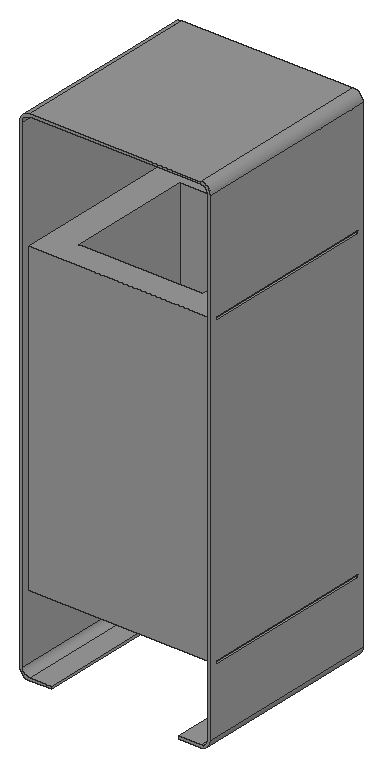
Revit family "Урна «Ринг» Арт 14192", category Антураж, Revit 2018
Family settings
  На основе рабочей плоскости = Нет
  Всегда вертикально = Да
  При загрузке вырезать с полостями = Нет
  Источник визуального образа = Геометрия семейства
  Общий = Нет
  Точка расчета площади = Нет
Parameters (values of type "Урна «Ринг»")
  Ширина = 300 mm  # constant formula
  Цвет урны = Сталь
  Описание = "Урна «Ринг». Объём: 25 л"  # constant formula
  Материал изделия = "Сталь"  # constant formula
  Изображение типоразмера = Урна «Ринг» Арт 14192.jpg
  Изготовитель = "ООО «Хоббика»"  # constant formula
  Длина = 300 mm  # constant formula
  Группа модели = "Уличные урны"  # constant formula
  Высота = 800 mm  # constant formula
  Артикул товара = "Арт. 14192"  # constant formula
  URL = "https://hobbyka.ru/product/urna_ring/"
Reference planes
  plane 1 "По центру (Вперед/Назад)": y = 0
  plane 2: z = 0
  plane 3 "По центру (Влево/Вправо)": x = 0
  plane 4: x = 300
  plane 5: y = 300
  plane 6: z = 800
Forms (mm)
  Extrusion 1, solid, material "Сталь" <- "Цвет урны"
    sketch origin (0, 0, 0) x (1, 0, 0) y (0, 0, 1)
      loop
        arc (15, 800) -> (4.393, 795.607) -> (0, 785) r 15
        line (0, 785) -> (0, 15)
        arc (0, 15) -> (4.393, 4.393) -> (15, 0) r 15
        line (15, 0) -> (50, 0) -> (50, 4) -> (15, 4)
        arc (15, 4) -> (7.222, 7.222) -> (4, 15) r 11
        line (4, 15) -> (4, 785)
        arc (4, 785) -> (7.222, 792.778) -> (15, 796) r 11
        line (15, 796) -> (285, 796)
        arc (285, 796) -> (292.778, 792.778) -> (296, 785) r 11
        line (296, 785) -> (296, 15)
        arc (296, 15) -> (292.778, 7.222) -> (285, 4) r 11
        line (285, 4) -> (250, 4) -> (250, 0) -> (285, 0)
        arc (285, 0) -> (295.607, 4.393) -> (300, 15) r 15
        line (300, 15) -> (300, 785)
        arc (300, 785) -> (295.607, 795.607) -> (285, 800) r 15
        line (285, 800) -> (15, 800)
    from 0 to -300
  Extrusion 2, solid, material "Сталь" <- "Цвет урны"
    sketch origin (0, 0, 0) x (1, 0, 0) y (0, 1, 0)
      loop
        line (4, 290) -> (4, 10) -> (296, 10) -> (296, 290) -> (4, 290)
    from 120 to 122
  Extrusion 3, solid, material "Сталь" <- "Цвет урны"
    sketch origin (0, 0, 0) x (1, 0, 0) y (0, 1, 0)
      loop
        line (4, 290) -> (4, 10) -> (296, 10) -> (296, 290) -> (4, 290)
      loop
        line (52, 250) -> (52, 50) -> (248, 50) -> (248, 250) -> (52, 250)
    from 122 to 605.884
  Extrusion 4, void
    sketch origin (0, 0, 0) x (1, 0, 0) y (0, 0, 1)
      loop
        line (300, 117.5) -> (300, 122.5) -> (297.5, 120) -> (300, 117.5)
      loop
        line (300, 603.384) -> (300, 608.384) -> (297.5, 605.884) -> (300, 603.384)
      loop
        line (0, 117.5) -> (2.5, 120) -> (0, 122.5) -> (0, 117.5)
      loop
        line (0, 603.384) -> (2.5, 605.884) -> (0, 608.384) -> (0, 603.384)
    from -10 to -290
Cuts and joins
  joined: Extrusion 2, Extrusion 3
  Extrusion 4 cuts Extrusion 1
Dimensions and locks
  "Длина": plane 3 "По центру (Влево/Вправо)" to plane 4
  "Ширина": plane 5 to plane 1 "По центру (Вперед/Назад)"
  "Высота": plane 6 to plane 2
  aligned and locked: level to plane 2
Automatic sketch dimensions
  Extrusion 2 sketch curve to plane 1 "По центру (Вперед/Назад)" = 10 mm
  Extrusion 2 sketch curve to plane 5 = 10 mm
  plane 3 "По центру (Влево/Вправо)" to Extrusion 2 sketch curve = 4 mm
  Extrusion 2 sketch curve to plane 4 = 4 mm
  Extrusion 3 sketch curve to plane 1 "По центру (Вперед/Назад)" = 10 mm
  Extrusion 3 sketch curve to plane 5 = 10 mm
  plane 3 "По центру (Влево/Вправо)" to Extrusion 3 sketch curve = 4 mm
  Extrusion 3 sketch curve to plane 4 = 4 mm
  Extrusion 3 sketch curve to plane 5 = 50 mm
  Extrusion 3 sketch curve to Extrusion 3 sketch curve = 48 mm  (x2)
  Extrusion 3 sketch curve to plane 1 "По центру (Вперед/Назад)" = 50 mm
  Extrusion 1 sketch curve to Extrusion 1 sketch curve = 0 mm  (x8)
  Extrusion 1 sketch curve to plane 3 "По центру (Влево/Вправо)" = 0 mm
  Extrusion 1 sketch curve to level = 0 mm  (x2)
  Extrusion 1 sketch curve to plane 6 = 0 mm
  Extrusion 1 sketch curve to plane 4 = 0 mm
  Extrusion 1 sketch curve to Extrusion 1 sketch curve = 11 mm  (x4)
  Extrusion 1 sketch curve to Extrusion 1 sketch curve = 46 mm
  level to Extrusion 1 sketch curve = 4 mm
  Extrusion 1 sketch curve to Extrusion 1 sketch curve = 35 mm
  Extrusion 4 sketch curve to plane 3 "По центру (Влево/Вправо)" = 0 mm  (x2)
  Extrusion 4 sketch curve to plane 4 = 0 mm  (x2)
  plane 3 "По центру (Влево/Вправо)" to Extrusion 4 sketch curve = 2.5 mm  (x2)
  Extrusion 4 sketch curve to plane 4 = 2.5 mm  (x2)
  Extrusion 4 sketch curve to plane 6 = 191.616 mm  (x2)
  Extrusion 4 sketch curve to Extrusion 4 sketch curve = 2.5 mm  (x4)
  level to Extrusion 4 sketch curve = 122.5 mm  (x2)
